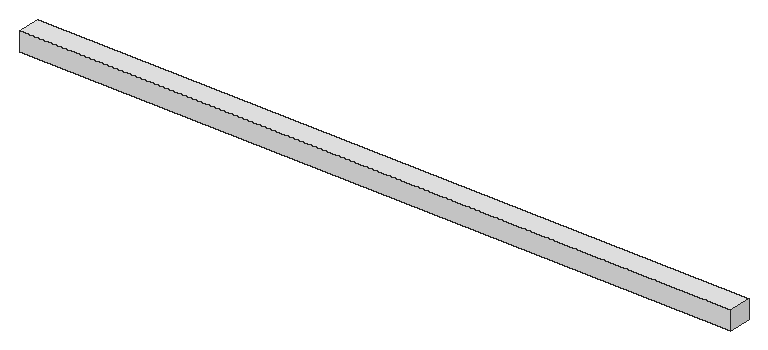
Revit family "Lighting-Control-Acclaim-Flex Tube Pixel SE", category Lighting Fixtures, host Face, Revit 2015
Parameters
  Width = 0.72"
  Wattage = 9.2903 W
  built-in parameter 1150110 = 1 (stored number, unit not read)
  Voltage = 0 V
  URL = "http://www.acclaimlighting.com/"
  built-in parameter 1114217 = 1 (stored number, unit not read)
  Tilt Angle = 90.00°
  built-in parameter 1150109 = 1 (stored number, unit not read)
  built-in parameter 1150134 = 3
  built-in parameter 1150113 = 1 (stored number, unit not read)
  Power Factor = 1
  Photometric Web File = "generic"
  Number of Poles = 1
  built-in parameter 1150142 = (empty or 0)
  Model = "Flex Tube Pixel SE"
  Manufacturer = "Acclaim Lighting"
  built-in parameter 1150105 = 109.82 (stored number, unit not read)
  Lumens = 1380 lm
  built-in parameter 1150115 = 1 (stored number, unit not read)
  built-in parameter 1150137 = (empty or 0)
  built-in parameter 1150139 = (empty or 0)
  Length = 24.00"
  built-in parameter 1150112 = 1 (stored number, unit not read)
  built-in parameter 1150114 = 1 (stored number, unit not read)
  Lamp = "LED"
  built-in parameter 1150132 = (empty or 0)
  built-in parameter 1150102 = (empty or 0)
  built-in parameter 1150107 = 3200 (stored number, unit not read)
  built-in parameter 1150138 = (empty or 0)
  built-in parameter 1150106 = 1.0982 (stored number, unit not read)
  Housing Finish = Aluminum
  Emit from Line Length = Length  # 24.00"
  built-in parameter 1150104 = 13.8 (stored number, unit not read)
  Dimming Lamp Color Temperature Shift = <None>
  Description = "Flex Tube Pixel SE"
  Default Elevation = 48.00"
  Color Filter = 16777215
  built-in parameter 1114218 = 1 (stored number, unit not read)
  built-in parameter 1150133 = 10 (stored number, unit not read)
  Apparent Load = 0 VA
Reference planes (in)
  plane 1 "Center (Front/Back)": y = 0
  plane 2: z = 0
  plane 3 "Center (Left/Right)": x = 0
  plane 4: z = 0.63
  plane 5: y = 0.36
  plane 6: y = -0.36
  plane 7: x = -12
  plane 8: x = 12
Forms (in)
  Extrusion 1, solid, material "Aluminum"
    sketch origin (0, 0, 0) x (1, 0, 0) y (0, 1, 0)
      loop
        line (-12, 0.36) -> (-12, -0.36) -> (12, -0.36) -> (12, 0.36) -> (-12, 0.36)
    from 0 to 0.63
Dimensions and locks (in)
  equal spacing: plane 5, plane 1 "Center (Front/Back)", plane 6
  "Width": plane 5 to plane 6
  equal spacing: plane 7, plane 3 "Center (Left/Right)", plane 8
  "Length": plane 7 to plane 8
  plane 4 to host face = 0.63"
  aligned and locked: plane 2 to host face
  aligned and locked: level to host face
  aligned and locked: plane 5 to Extrusion 1 sketch curve
  aligned and locked: plane 7 to Extrusion 1 sketch curve
  aligned and locked: Extrusion 1 sketch curve to plane 6
  aligned and locked: Extrusion 1 sketch curve to plane 8
  aligned and locked: plane 4 to Extrusion 1
  aligned and locked: imposter light to plane 4
Automatic sketch dimensions
  host sketch curve to host sketch curve = 96.00"  (x2)
Connectors (in)
  electrical at (12, 0, 0.315), driven by "Number of Poles", driven by "Voltage", driven by "Apparent Load", driven by "Power Factor"
    settings: on Extrusion 1, index 1, voltage 0 V, apparent load 0 VA, apparent load phase1 0 VA, apparent load phase2 0 VA, apparent load phase3 0 VA, power factor 1, load classification "Other", number of poles 1, system type 31, power factor state 1, is connector primary yes, connector utility no, sub classification motor no, connector description "Power"
